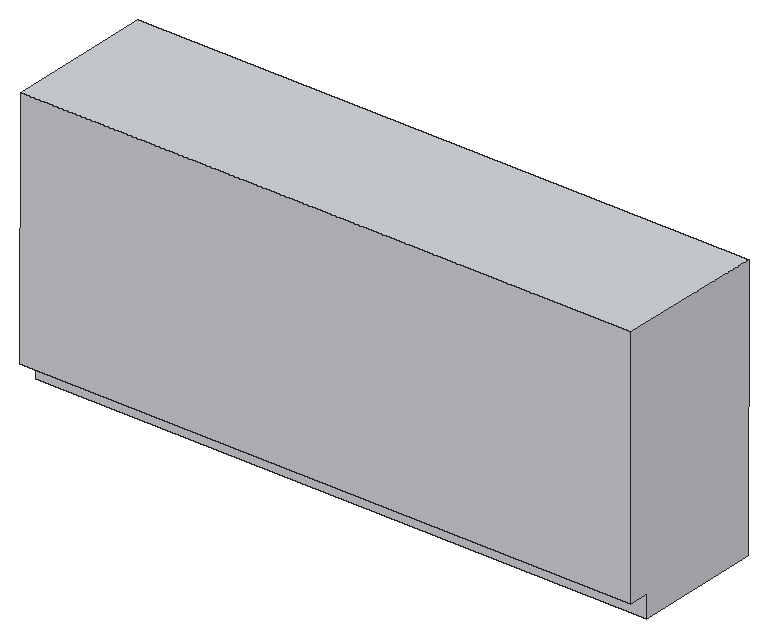
Revit family "M_Ventilação da unidade de aquecimento - Elétrica - Vertical - Sala de aula", category Equipamento mecânico, Revit 2019
Family settings
  Cota do conector redondo = Utilizar diâmetro
  Tipo de parte = Normal
  Número OmniClass = 23.75.70.17.37
  Título OmniClass = Unit Ventilators
  ID de item do Seek = Heating Unit Ventilator - Electrical - Vertical - Classroom-0000-CAN-ENU
  Com base no plano de trabalho = Não
  Sempre na vertical = Sim
  Corte com vazios quando carregada = Não
  Compartilhado = Não
  Ponto de cálculo do ambiente = Não
Parameters (values of type "0-353 LPS")
  Voltagem = 208 V
  Material do ventilador = none
  Comprimento do ventilador = 1750 mm
  Número de pólos = 3
  Classificação de carga = Aquecimento
  Carga aparente = 9360 VA
Types (5, lengths in mm): name | Comprimento do ventilador | Carga aparente
  (no name) | 1750 | 9360 VA
  0-353 LPS | 1750 | 9360 VA
  354-470 LPS | 2050 | 12300 VA
  471-588 LPS | 2350 | 15400 VA
  589-705 LPS | 2670 | 17800 VA
Reference planes
  plane 1 "Centro (Frente/Trás)": y = 0
  plane 2: z = 0
  plane 3 "Centro (Esquerda/Direita)": x = 0
  plane 4 "Superior": z = 762
  plane 5: z = 63.5
  plane 6 "Direita": y = -422.275
  plane 7: y = -365.125
  plane 8: x = 1750
  plane 9: y = -396.875
  plane 10: x = 25.4
  plane 11: x = 1724.6
  plane 12: y = -269.875
  plane 13: y = -371.475
  plane 14: y = -346.075
  plane 15: y = -320.675
  plane 16: y = -295.275
  plane 17: z = 88.9
  plane 18: z = 190.5
  plane 19: z = 114.3
  plane 20: z = 139.7
  plane 21: z = 165.1
  plane 22: z = 660.4
  plane 23: y = -50.8
Forms (mm)
  Extrusion 1, solid, material <- "Material do ventilador"
    sketch origin (0, 0, 0) x (0, 1, 0) y (0, 0, 1)
      loop
        line (0, 0) -> (0, 762) -> (-422.275, 762) -> (-422.275, 63.5) -> (-365.125, 63.5) -> (-365.125, 0) -> (0, 0)
    from 0 to 1750
  Extrusion 2, solid, material <- "Material do ventilador"
    sketch origin (0, 0, 0) x (0, 1, 0) y (0, 0, 1)
      loop
        circle (-50.8, 660.4) r 12.7
    from 0 to 1750
Cuts and joins
  joined: Extrusion 1, Extrusion 2
Lines and regions (mm)
  model lines, detail levels fine
    curve 1: line (25.4, -269.875, 762) -> (1724.6, -269.875, 762)
    curve 2: line (25.4, -396.875, 762) -> (25.4, -269.875, 762)
    curve 3: line (1724.6, -396.875, 762) -> (25.4, -396.875, 762)
    curve 4: line (1724.6, -269.875, 762) -> (1724.6, -396.875, 762)
    curve 5: line (25.4, -295.275, 762) -> (1724.6, -295.275, 762)
    curve 6: line (25.4, -320.675, 762) -> (1724.6, -320.675, 762)
    curve 7: line (25.4, -346.075, 762) -> (1724.6, -346.075, 762)
    curve 8: line (25.4, -371.475, 762) -> (1724.6, -371.475, 762)
    curve 9: line (25.4, -422.275, 88.9) -> (1724.6, -422.275, 88.9)
    curve 10: line (25.4, -422.275, 190.5) -> (25.4, -422.275, 88.9)
    curve 11: line (1724.6, -422.275, 190.5) -> (25.4, -422.275, 190.5)
    curve 12: line (1724.6, -422.275, 88.9) -> (1724.6, -422.275, 190.5)
    curve 13: line (25.4, -422.275, 165.1) -> (1724.6, -422.275, 165.1)
    curve 14: line (25.4, -422.275, 139.7) -> (1724.6, -422.275, 139.7)
    curve 15: line (25.4, -422.275, 114.3) -> (1724.6, -422.275, 114.3)
Dimensions and locks
  locked: plane 5 to plane 2 at 63.5
  locked: plane 4 "Superior" to plane 2 at 762
  locked: plane 1 "Centro (Frente/Trás)" to plane 6 "Direita" at 422.275
  locked: plane 7 to plane 6 "Direita" at 57.15
  "Comprimento do ventilador": plane 3 "Centro (Esquerda/Direita)" to plane 8
  locked: plane 6 "Direita" to plane 9 at 25.4
  locked: plane 3 "Centro (Esquerda/Direita)" to plane 10 at 25.4
  locked: plane 11 to plane 8 at 25.4
  locked: plane 12 to plane 9 at 127
  equal spacing: plane 12, plane 16, plane 15, plane 14, plane 13, plane 9
  locked: plane 18 to plane 5 at 127
  equal spacing: plane 18, plane 21, plane 20, plane 19, plane 17, plane 5
  locked: plane 4 "Superior" to plane 22 at 101.6
  locked: plane 1 "Centro (Frente/Trás)" to plane 23 at 50.8
  radius of Extrusion 2 sketch curve = 12.7 mm
  aligned and locked: level to plane 2
  aligned and locked: Extrusion 1 sketch curve to plane 4 "Superior"
  aligned and locked: plane 1 "Centro (Frente/Trás)" to Extrusion 1 sketch curve  (x2)
  aligned and locked: plane 2 to Extrusion 1 sketch curve  (x2)
  aligned and locked: Extrusion 1 sketch curve to plane 6 "Direita"
  aligned and locked: plane 4 "Superior" to Extrusion 1 sketch curve
  aligned and locked: plane 7 to Extrusion 1 sketch curve  (x2)
  aligned and locked: plane 5 to Extrusion 1 sketch curve  (x2)
  aligned and locked: plane 6 "Direita" to Extrusion 1 sketch curve
  aligned and locked: Extrusion 1 to plane 3 "Centro (Esquerda/Direita)"
  aligned and locked: plane 8 to Extrusion 1
  aligned and locked: plane 10 to curve 1
  aligned and locked: curve 1 to plane 12
  aligned and locked: plane 9 to curve 4
  aligned and locked: curve 4 to plane 11
  aligned and locked: curve 5 to plane 16
  aligned and locked: curve 6 to plane 15
  aligned and locked: curve 7 to plane 14
  aligned and locked: curve 8 to plane 13
  aligned and locked: plane 10 to curve 9
  aligned and locked: curve 9 to plane 17
  aligned and locked: plane 18 to curve 12
  aligned and locked: plane 11 to curve 12
  aligned and locked: curve 13 to plane 21
  aligned and locked: curve 14 to plane 20
  aligned and locked: curve 15 to plane 19
  aligned and locked: Extrusion 2 to plane 3 "Centro (Esquerda/Direita)"
  aligned and locked: Extrusion 1 to Extrusion 2
  aligned and locked: plane 22 to Extrusion 2 sketch curve
  aligned and locked: plane 23 to Extrusion 2 sketch curve
Connectors
  electrical at (0, -50.8, 660.4), driven by "Carga aparente", driven by "Voltagem", driven by "Número de pólos", driven by "Classificação de carga"
    settings: on Extrusion 2, index 1, voltage 208 V, apparent load 9360 VA, apparent load phase1 0 VA, apparent load phase2 0 VA, apparent load phase3 0 VA, power factor 0.8, load classification "Aquecimento", number of poles 3, system type 30, power factor state 1, is connector primary yes, connector utility no, sub classification motor no, connector description ""
